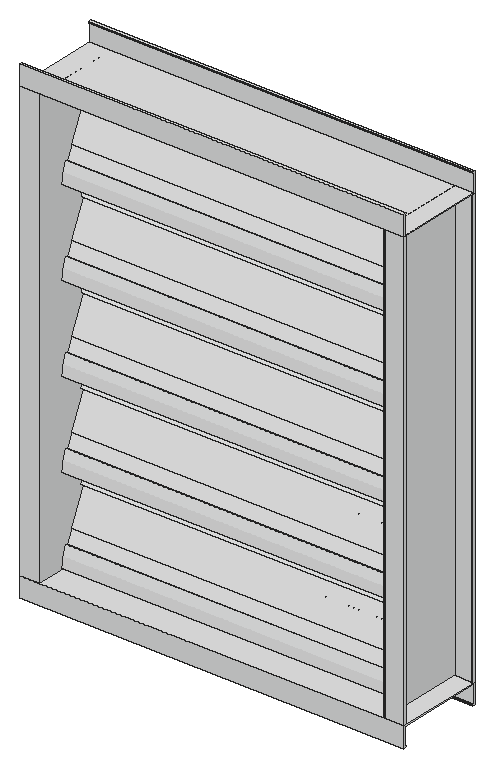
Revit family "Holyoake_-_PRD_Pressure Relief Damper Duct Flange", category Duct Accessories, Revit 2014
Parameters
  W = Nominal W + 2 * Duct Flange H  # 670 mm
  URL = "http://www.productspec.net/products/42790/holyoake-industries-ltd/prd150-heavy-duty-pressure-relief-damper.aspx"
  Parametric W = 600 mm
  Parametric H = 800 mm
  Nominal W = if(Parametric W < Minimum Width, Minimum Width, if(Parametric W > Maximum Width, Maximum Width, Parametric W))  # 600 mm
  Nominal H = if(Parametric H < Minimum Height, Minimum Height, if(Parametric H < 326 mm, 180 mm, if(Parametric H < 472 mm, 326 mm, if(Parametric H < 618 mm, 472 mm, if(Parametric H < 764 mm, 618 mm, if(Parametric H < 910 mm, 764 mm, if(Parametric H < 1056 mm, 910 mm, if(Parametric H < 1202 mm, 1056 mm, if(Parametric H < 1348 mm, 1202 mm, if(Parametric H < 1494 mm, 1348 mm, if(Parametric H < Maximum Height, 1494 mm, if(Parametric H > Maximum Height, Maximum Height, Parametric H))))))))))))  # 764 mm
  Model = "PRD150 Duct Flange"  # constant formula
  Minimum Width = 150 mm  # constant formula
  Minimum Height = 180 mm  # constant formula
  Maximum Width = 750 mm  # constant formula
  Maximum Height = 1494 mm  # constant formula
  Material = Aluminium
  Manufacturer = "Holyoake Industries Ltd."  # constant formula
  H = Nominal H + 2 * Duct Flange H  # 834 mm
  Duct Flange W = 155 mm  # constant formula
  Duct Flange H = 35 mm  # constant formula
  Blade Angle = 65.00°
Reference planes
  plane 1 "Center (Front/Back)": y = 0
  plane 2: z = 0
  plane 3 "Center (Left/Right)": x = 0
  plane 4: x = -335
  plane 5: z = 417
  plane 6: x = 335
  plane 7: z = -417
  plane 8: z = 383
  plane 9: x = 265
  plane 10: x = -300
  plane 11: z = -382
  plane 12: z = 382
  plane 13: x = 300
Forms (mm)
  Sweep 1, solid, material "Aluminium" <- "Material"
    path origin (0, 0, 0) x (1, 0, 0) y (0, 0, 1)
      loop
        line (-335, 383) -> (335, 383)
    profile "Duct Flange : Type 1" origin (0, 0, 383) x (0, 0, 1) y (0, -1, 0)
      loop
        line (35, -72.5) -> (33.5, -72.5) -> (33.5, -76) -> (1.5, -76) -> (1.5, 76) -> (33.5, 76) -> (33.5, 72.5) -> (35, 72.5) -> (35, 77.5) -> (0, 77.5) -> (0, -77.5) -> (35, -77.5) -> (35, -72.5)
  Sweep 2, solid, material "Aluminium" <- "Material"
    path origin (0, 0, 0) x (1, 0, 0) y (0, 0, 1)
      loop
        line (-335, -382) -> (335, -382)
    profile "Duct Flange : Type 1" origin (0, 0, -382) x (0, 0, 1) y (0, -1, 0)
      loop
        line (-35, 72.5) -> (-33.5, 72.5) -> (-33.5, 76) -> (-1.5, 76) -> (-1.5, -76) -> (-33.5, -76) -> (-33.5, -72.5) -> (-35, -72.5) -> (-35, -77.5) -> (0, -77.5) -> (0, 77.5) -> (-35, 77.5) -> (-35, 72.5)
  Sweep 3, solid, material "Aluminium" <- "Material"
    path origin (0, 0, 0) x (1, 0, 0) y (0, 0, 1)
      loop
        line (300, 383) -> (300, -382)
    profile "Duct Flange : Type 1" origin (300, 0, 0.5) x (1, 0, 0) y (0, -1, 0)
      loop
        line (35, -72.5) -> (33.5, -72.5) -> (33.5, -76) -> (1.5, -76) -> (1.5, 76) -> (33.5, 76) -> (33.5, 72.5) -> (35, 72.5) -> (35, 77.5) -> (0, 77.5) -> (0, -77.5) -> (35, -77.5) -> (35, -72.5)
  Sweep 4, solid, material "Aluminium" <- "Material"
    path origin (0, 0, 0) x (1, 0, 0) y (0, 0, 1)
      loop
        line (-300, 383) -> (-300, -382)
    profile "Duct Flange : Type 1" origin (-300, 0, 0.5) x (1, 0, 0) y (0, -1, 0)
      loop
        line (-35, 72.5) -> (-33.5, 72.5) -> (-33.5, 76) -> (-1.5, 76) -> (-1.5, -76) -> (-33.5, -76) -> (-33.5, -72.5) -> (-35, -72.5) -> (-35, -77.5) -> (0, -77.5) -> (0, 77.5) -> (-35, 77.5) -> (-35, 72.5)
  Extrusion 5, solid, not visible
    sketch origin (0, 0, 0) x (1, 0, 0) y (0, 1, 0)
      loop
        line (-300, 77.5) -> (-300, -77.5) -> (300, -77.5) -> (300, 77.5) -> (-300, 77.5)
    from -382 to 382
Dimensions and locks
  equal spacing: plane 5, level, plane 7
  "H": plane 5 to plane 7
  equal spacing: plane 6, plane 3 "Center (Left/Right)", plane 4
  "W": plane 6 to plane 4
  equal spacing: plane 13, plane 3 "Center (Left/Right)", plane 10
  "Nominal W": plane 13 to plane 10
  equal spacing: plane 12, plane 2, plane 11
  "Nominal H": plane 12 to plane 11
  "Parametric W": plane 9 to plane 4
  "Parametric H": plane 8 to plane 7
  equal spacing: Extrusion 5 sketch curve, plane 1 "Center (Front/Back)", Extrusion 5 sketch curve
  locked: plane 1 "Center (Front/Back)" to Extrusion 5 sketch curve at 77.5
  aligned and locked: level to plane 2
  aligned and locked: plane 1 "Center (Front/Back)" to nested 1
  aligned and locked: plane 11 to nested 1
  aligned and locked: nested 1 to plane 10
  aligned and locked: plane 8 to Sweep 4 sketch curve
  aligned and locked: Extrusion 5 to plane 11
  aligned and locked: plane 12 to Extrusion 5
  aligned and locked: plane 10 to Extrusion 5 sketch curve
  aligned and locked: Extrusion 5 sketch curve to plane 13
Automatic sketch dimensions
  Sweep 1 sketch curve to plane 4 = 0 mm
  Sweep 1 sketch curve to plane 6 = 0 mm
  Sweep 1 sketch curve to plane 8 = 0 mm
  Sweep 2 sketch curve to plane 4 = 0 mm
  Sweep 2 sketch curve to plane 6 = 0 mm
  Sweep 2 sketch curve to plane 11 = 0 mm
  Sweep 3 sketch curve to plane 11 = 0 mm
  Sweep 3 sketch curve to plane 13 = 0 mm
  Sweep 3 sketch curve to plane 8 = 0 mm
  Sweep 4 sketch curve to plane 10 = 0 mm
  Sweep 4 sketch curve to plane 11 = 0 mm
Nested families
  nested 1: "Blade Array" at (0, 0, -382), type "Type 1"
    with W 600 mm, Spacing 150 mm, H 764 mm, Array Parametric 5, Array 5, Angle 65.00°
Connectors
  hvac at (0, -77.5, 0), driven by "Nominal H", driven by "Nominal W"
    settings: on Extrusion 5, index 1, duct flow 0.0 L/s, flow factor 0, pres drop 0.0 Pa, loss coef 0, conn angle 0.00°, conn width 600 mm, conn height 764 mm, conn diameter 609.6 mm, duct sys type 1, conn prof type 1, flow config 0, flow direction 0, loss method 0, conn ref index -1, conn util no, is conn primary yes, conn desc ""
  hvac at (0, 77.5, 0), driven by "Nominal H", driven by "Nominal W"
    settings: on Extrusion 5, index 2, duct flow 0.0 L/s, flow factor 0, pres drop 0.0 Pa, loss coef 0, conn angle 0.00°, conn width 600 mm, conn height 764 mm, conn diameter 609.6 mm, duct sys type 1, conn prof type 1, flow config 0, flow direction 0, loss method 0, conn ref index -1, conn util no, is conn primary no, conn desc ""
Definition of nested family "Blade Array"
  Parameters (values of type "Type 1")
    W = 750 mm
    Spacing = 145 mm
    Material = none
    H = 1494 mm
    First Blade = 75 mm
    Blade Single = Array Parametric < 2  # no
    Blade Multiple = not(Blade Single)  # yes
    Array Parametric = rounddown(H / Spacing)  # 10
    Array = if(Array Parametric < 2, 2, Array Parametric)  # 10
    Angle = 90.00°
  Reference planes
    plane 1 "Center (Front/Back)": y = 0
    plane 2: z = 0
    plane 3 "Center (Left/Right)": x = 0
    plane 4: x = 375
    plane 5: x = -375
    plane 6: z = 75
    plane 7: z = 220
    plane 8: z = 1494
  Dimensions and locks
    equal spacing: plane 5, plane 3 "Center (Left/Right)", plane 4
    "W": plane 5 to plane 4
    "First Blade": plane 6 to level
    "Spacing": plane 7 to plane 6
    "H": plane 8 to level
    equal spacing: group 1, group 2, group 3, group 4, group 5, group 6, group 7, group 8, group 9, group 10  (x3)
    aligned and locked: level to plane 2
    aligned and locked: plane 1 "Center (Front/Back)" to nested 1
    aligned and locked: nested 2 to plane 5
    aligned and locked: nested 3 to plane 5
    aligned and locked: plane 6 to nested 2
    aligned and locked: plane 7 to nested 3
    aligned and locked: nested 1 to plane 5
    aligned and locked: plane 6 to nested 1
  Nested families
    nested 1: "Blade" at (-375, 0, 75), visible <- "Blade Single", type "Type 1"
    nested 2: "Blade" at (-375, 0, 75), visible <- "Blade Multiple", type "Type 1"
    nested 3: "Blade" at (-375, 0, 220), visible <- "Blade Multiple", type "Type 1"
    nested 4: "Blade" at (-375, 0, 365), visible <- "Blade Multiple", type "Type 1"
    nested 5: "Blade" at (-375, 0, 510), visible <- "Blade Multiple", type "Type 1"
    nested 6: "Blade" at (-375, 0, 655), visible <- "Blade Multiple", type "Type 1"
    nested 7: "Blade" at (-375, 0, 800), visible <- "Blade Multiple", type "Type 1"
    nested 8: "Blade" at (-375, 0, 945), visible <- "Blade Multiple", type "Type 1"
    nested 9: "Blade" at (-375, 0, 1090), visible <- "Blade Multiple", type "Type 1"
    nested 10: "Blade" at (-375, 0, 1235), visible <- "Blade Multiple", type "Type 1"
    nested 11: "Blade" at (-375, 0, 1380), visible <- "Blade Multiple", type "Type 1"
  Definition of nested family "Blade"
    Parameters (values of type "Type 1")
      W = 750 mm
      Material = none
      Angle = 90.00°
    Reference planes
      plane 1 "Center (Front/Back)": y = 0
      plane 2: z = 0
      plane 3 "Center (Left/Right)": x = 0
      plane 4: x = 750
    Forms (mm)
      Sweep 1, solid, material <- "Material"
        path origin (0, 0, 0) x (1, 0, 0) y (0, 1, 0)
          loop
            line (0, 0) -> (750, 0)
        profile "Blade Profile : Type 1" origin (375, 0, 0) x (0, 1, 0) y (0, 0, 1)
          loop
            line (1.5, -43) -> (1.5, 20) -> (0, 20) -> (0, 43) -> (5.5, 43)
            arc (5.5, 43) -> (3.545, 60.294) -> (-1.5, 76.951) r 96
            arc (-1.5, 76.951) -> (-6.545, 60.294) -> (-8.5, 43) r 96
            line (-8.5, 43) -> (-1.5, 43) -> (-1.5, -20) -> (0, -20) -> (0, -43) -> (-5.5, -43)
            arc (-5.5, -43) -> (-3.545, -60.294) -> (1.5, -76.951) r 96
            arc (1.5, -76.951) -> (6.545, -60.294) -> (8.5, -43) r 96
            line (8.5, -43) -> (1.5, -43)
    Dimensions and locks
      "W": plane 4 to plane 3 "Center (Left/Right)"
      aligned and locked: level to plane 2
    Automatic sketch dimensions
      plane 1 "Center (Front/Back)" to Sweep 1 sketch curve = 0 mm
      Sweep 1 sketch curve to plane 3 "Center (Left/Right)" = 0 mm
      Sweep 1 sketch curve to plane 4 = 0 mm
